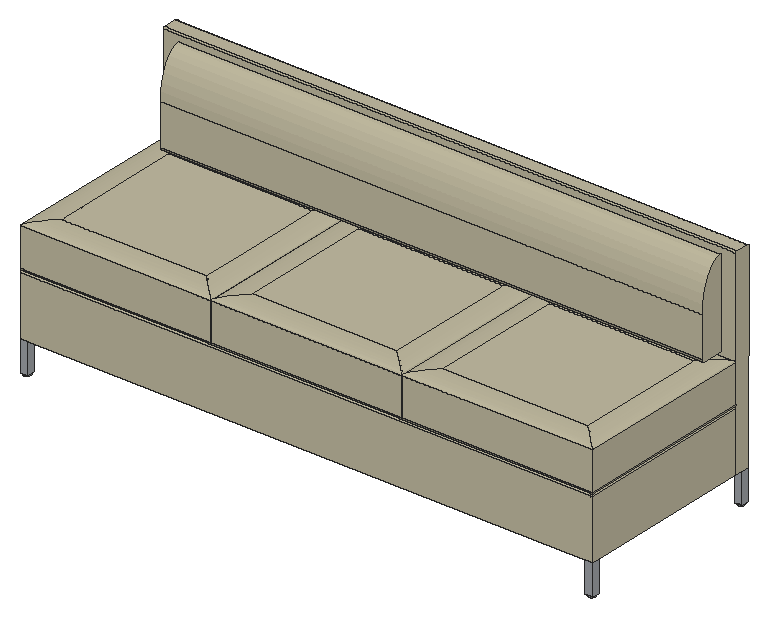
Revit family
Parameters
  URL = "http://www.martinbrattrud.com"
  SCS Certified Product = "Yes"
  Model = "Bristol 248-75H"
  Manufacturer = "Martin Brattrud, Inc."
  Keynote = "125000"
  Copyright = "© 2013 Martin Brattrud, Inc."
  Chair [instance] = none
  Back Cushion [instance] = none
  Authoring Version = "Revit Architecture 2010"
  Assembly Code = "E2020200"
Reference planes (in)
  plane 1 "Center Front/Back": y = 0
  plane 2: z = 0
  plane 3 "Center Left/Right": x = 0
Forms (in)
  Extrusion 1, solid, material <- "Back Cushion"
    sketch origin (0, 0, 0) x (0, 1, 0) y (0, 0, 1)
      loop
        line (7.75, 23.75) -> (7.75, 18.375)
        arc (7.75, 18.375) -> (7.859835, 18.109835) -> (8.125, 18) r 0.375
        line (8.125, 18) -> (10.75, 18) -> (10.75, 29.5)
        spline (10.75, 29.5) -> (10.3584214, 29.450808) -> (9.9735429, 29.3040735) -> (9.6019497, 29.0623073) -> (9.25, 28.7296461) -> (8.9237157, 28.3117817) -> (8.6286797, 27.815864) -> (8.36994, 27.2503782) -> (8.1519238, 26.625) -> (7.9783614, 25.9504297) -> (7.8522225, 25.2382095) -> (7.7756654, 24.5005256) -> (7.75, 23.75)
    from -35.5 to 35.5028232
  Extrusion 2, solid, material <- "Chair"
    sketch origin (0, 0, 0) x (0, 1, 0) y (0, 0, 1)
      loop
        line (12.625, 30.5) -> (10.875, 30.5)
        arc (10.875, 30.5) -> (10.7866117, 30.4633883) -> (10.75, 30.375) r 0.125
        line (10.75, 30.375) -> (10.75, 4.25) -> (12.75, 4.25) -> (12.75, 30.375)
        arc (12.75, 30.375) -> (12.7133883, 30.4633883) -> (12.625, 30.5) r 0.125
    from -37.4999921 to 37.5008068
  Sweep 3, solid, material <- "Chair"
    path in 3D
      loop
        line (12.5, -12.75, 0) -> (12.5, 10.75, 0) -> (-12.5, 10.75, 0) -> (-12.5, -12.75, 0) -> (12.5, -12.75, 0)
    profile origin (0, -12.75, 0) x (0, 1, 0) y (0, 0, 1)
      loop
        line (0.0039062, 17.5) -> (10.75, 17.5) -> (10.75, 18) -> (3.0039063, 18)
        spline (3.0039063, 18) -> (2.6123277, 17.9957224) -> (2.2274491, 17.9829629) -> (1.855856, 17.9619398) -> (1.5039063, 17.9330127) -> (1.177622, 17.8966767) -> (0.8825859, 17.8535534) -> (0.6238462, 17.8043807) -> (0.40583, 17.75) -> (0.2322677, 17.6913417) -> (0.1061288, 17.6294095) -> (0.0295717, 17.5652631) -> (0.0039062, 17.5)
  Extrusion 4, solid, material <- "Chair"
    sketch origin (0, 0, 0) x (1, 0, 0) y (0, 1, 0)
      loop
        line (-26.75, -2) -> (26.75, -2) -> (26.75, 0) -> (-26.75, 0) -> (-26.75, -2)
    from 4.25 to 12.25
  Extrusion 5, solid, material <- "Chair"
    sketch origin (0, 0, 0) x (1, 0, 0) y (0, 1, 0)
      loop
        line (-1.75, -2) -> (1.75, -2) -> (1.75, 0) -> (-1.75, 0) -> (-1.75, -2)
    from 12.25 to 17.5
  Sweep 6, solid, material <- "Chair"
    path origin (0, 0, 0) x (1, 0, 0) y (0, 1, 0)
      loop
        line (-12.5, -12.75) -> (12.5, -12.75) -> (12.5, 10.75) -> (-12.5, 10.75) -> (-12.5, -12.75)
    profile origin (0, -12.75, 0) x (0, 1, 0) y (0, 0, 1)
      loop
        line (0, 17.5) -> (0, 12.5)
        arc (0, 12.5) -> (0.0732233, 12.3232233) -> (0.25, 12.25) r 0.25
        line (0.25, 12.25) -> (10.75, 12.25) -> (10.75, 17.5) -> (0, 17.5)
  Extrusion 7, solid, material <- "Chair"
    sketch origin (0, 0, 0) x (1, 0, 0) y (0, 1, 0)
      loop
        line (-1.75, 0) -> (-1.75, -2) -> (1.75, -2) -> (1.75, 0) -> (-1.75, 0)
    from 17.5 to 18
  Sweep 8, solid, material <- "Chair"
    path origin (0, 0, 0) x (1, 0, 0) y (0, 1, 0)
      loop
        line (-37.5, -12.75) -> (37.5, -12.75) -> (37.5, 10.75) -> (-37.5, 10.75) -> (-37.5, -12.75)
    profile origin (0, -12.75, 0) x (0, 1, 0) y (0, 0, 1)
      loop
        line (0, 4.25) -> (10.75, 4.25) -> (10.75, 12.25) -> (0.25, 12.25)
        arc (0.25, 12.25) -> (0.0732233, 12.1767767) -> (0, 12) r 0.25
        line (0, 12) -> (0, 4.25)
  Sweep 9, solid, material <- "Chair"
    path in 3D
      loop
        line (-12.5, -12.75, 0) -> (-12.5, 10.75, 0) -> (-37.5, 10.75, 0) -> (-37.5, -12.75, 0) -> (-12.5, -12.75, 0)
    profile origin (-25, -12.75, 0) x (0, 1, 0) y (0, 0, 1)
      loop
        line (0.0039062, 17.5) -> (10.75, 17.5) -> (10.75, 18) -> (3.0039063, 18)
        spline (3.0039063, 18) -> (2.6123277, 17.9957224) -> (2.2274491, 17.9829629) -> (1.855856, 17.9619398) -> (1.5039063, 17.9330127) -> (1.177622, 17.8966767) -> (0.8825859, 17.8535534) -> (0.6238462, 17.8043807) -> (0.40583, 17.75) -> (0.2322677, 17.6913417) -> (0.1061288, 17.6294095) -> (0.0295717, 17.5652631) -> (0.0039062, 17.5)
  Extrusion 10, solid, material <- "Chair"
    sketch origin (-25, 0, 0) x (1, 0, 0) y (0, 1, 0)
      loop
        line (-1.75, -2) -> (1.75, -2) -> (1.75, 0) -> (-1.75, 0) -> (-1.75, -2)
    from 12.25 to 17.5
  Sweep 11, solid, material <- "Chair"
    path origin (-25, 0, 0) x (1, 0, 0) y (0, 1, 0)
      loop
        line (-12.5, -12.75) -> (12.5, -12.75) -> (12.5, 10.75) -> (-12.5, 10.75) -> (-12.5, -12.75)
    profile origin (-25, -12.75, 0) x (0, 1, 0) y (0, 0, 1)
      loop
        line (0, 17.5) -> (0, 12.5)
        arc (0, 12.5) -> (0.0732233, 12.3232233) -> (0.25, 12.25) r 0.25
        line (0.25, 12.25) -> (10.75, 12.25) -> (10.75, 17.5) -> (0, 17.5)
  Extrusion 12, solid, material <- "Chair"
    sketch origin (-25, 0, 0) x (1, 0, 0) y (0, 1, 0)
      loop
        line (-1.75, 0) -> (-1.75, -2) -> (1.75, -2) -> (1.75, 0) -> (-1.75, 0)
    from 17.5 to 18
  Sweep 13, solid, material <- "Chair"
    path in 3D
      loop
        line (12.5, -12.75, 0) -> (12.5, 10.75, 0) -> (37.5, 10.75, 0) -> (37.5, -12.75, 0) -> (12.5, -12.75, 0)
    profile origin (25, -12.75, 0) x (0, -1, 0) y (0, 0, 1)
      loop
        spline (-0.0039062, 17.5) -> (-0.0295717, 17.5652631) -> (-0.1061288, 17.6294095) -> (-0.2322677, 17.6913417) -> (-0.40583, 17.75) -> (-0.6238462, 17.8043807) -> (-0.8825859, 17.8535534) -> (-1.177622, 17.8966767) -> (-1.5039063, 17.9330127) -> (-1.855856, 17.9619398) -> (-2.2274491, 17.9829629) -> (-2.6123277, 17.9957224) -> (-3.0039063, 18)
        line (-3.0039063, 18) -> (-10.75, 18) -> (-10.75, 17.5) -> (-0.0039062, 17.5)
  Extrusion 14, solid, material <- "Chair"
    sketch origin (25, 0, 0) x (-1, 0, 0) y (0, -1, 0)
      loop
        line (-1.75, 2) -> (-1.75, 0) -> (1.75, 0) -> (1.75, 2) -> (-1.75, 2)
    from 12.25 to 17.5
  Sweep 15, solid, material <- "Chair"
    path origin (25, 0, 0) x (-1, 0, 0) y (0, 1, 0)
      loop
        line (-12.5, -12.75) -> (12.5, -12.75) -> (12.5, 10.75) -> (-12.5, 10.75) -> (-12.5, -12.75)
    profile origin (25, -12.75, 0) x (0, -1, 0) y (0, 0, 1)
      loop
        line (0, 17.5) -> (-10.75, 17.5) -> (-10.75, 12.25) -> (-0.25, 12.25)
        arc (-0.25, 12.25) -> (-0.0732233, 12.3232233) -> (0, 12.5) r 0.25
        line (0, 12.5) -> (0, 17.5)
  Extrusion 16, solid, material <- "Chair"
    sketch origin (25, 0, 0) x (-1, 0, 0) y (0, -1, 0)
      loop
        line (-1.75, 0) -> (1.75, 0) -> (1.75, 2) -> (-1.75, 2) -> (-1.75, 0)
    from 17.5 to 18
Cuts and joins
  joined: Extrusion 5, Sweep 6
  joined: Extrusion 4, Sweep 8
  joined: Sweep 3, Extrusion 7
  joined: Sweep 13, Extrusion 16
  joined: Sweep 9, Extrusion 12
  joined: Extrusion 10, Sweep 11
  joined: Extrusion 14, Sweep 15
Lines and regions (in)
  sketch lines
    curve 1: line (-12.5, -12.75, 0) -> (12.5, -12.75, 0)
    curve 2: line (12.5, -12.75, 0) -> (12.5, 10.75, 0)
    curve 3: line (-12.5, 10.75, 0) -> (12.5, 10.75, 0)
    curve 4: line (-12.5, 10.75, 0) -> (-12.5, -12.75, 0)
    curve 5: line (-37.5, -12.75, 0) -> (-12.5, -12.75, 0)
    curve 6: line (-12.5, -12.75, 0) -> (-12.5, 10.75, 0)
    curve 7: line (-37.5, 10.75, 0) -> (-12.5, 10.75, 0)
    curve 8: line (-37.5, 10.75, 0) -> (-37.5, -12.75, 0)
    curve 9: line (37.5, -12.75, 0) -> (12.5, -12.75, 0)
    curve 10: line (12.5, -12.75, 0) -> (12.5, 10.75, 0)
    curve 11: line (37.5, 10.75, 0) -> (12.5, 10.75, 0)
    curve 12: line (37.5, 10.75, 0) -> (37.5, -12.75, 0)
Nested families (in)
  nested 1: "Bristol Leg" at (37, 12.25, 0), type "Bristol Leg"
  nested 2: "Bristol Leg" at (37, -12.25, 0), type "Bristol Leg"
  nested 3: "Bristol Leg" at (-37, 12.25, 0) x (-1, 0, 0) z (0, 0, 1), type "Bristol Leg"
  nested 4: "Bristol Leg" at (-37, -12.25, 0) x (-1, 0, 0) z (0, 0, 1), type "Bristol Leg"
Definition of nested family "Bristol Leg"
  Parameters
    URL = "http://www.martinbrattrud.com"
    SCS Certified Product = ""
    Model = ""
    Leg = none
    Manufacturer = "Martin Brattrud, Inc."
    Keynote = "125000"
    Copyright = "© 2013 Martin Brattrud, Inc."
    Authoring Version = "Revit Architecture 2010"
    Assembly Code = "E2020200"
  Reference planes (in)
    plane 1 "Center Front/Back": y = 0
    plane 2: z = 0
    plane 3 "Center Left/Right": x = 0
  Forms (in)
    Extrusion 1, solid, material <- "Leg"
      sketch origin (0, 0, 0) x (1, 0, 0) y (0, 1, 0)
        loop
          line (-0.5, 0.5) -> (-0.5, -0.5) -> (0.5, -0.5) -> (0.5, 0.5) -> (-0.5, 0.5)
      from 0.25 to 4.25
    Revolve 2, solid, material <- "Leg"
      sketch origin (0, 0, 0) x (0, 1, 0) y (0, 0, 1)
        loop
          line (0, 0) -> (0.25, 0)
          arc (0.25, 0) -> (0.4267767, 0.0732233) -> (0.5, 0.25) r 0.25
          line (0.5, 0.25) -> (0, 0.25) -> (0, 0)
        axis (0, 0.25) -> (0, 0)
      angle from 0 to 360
